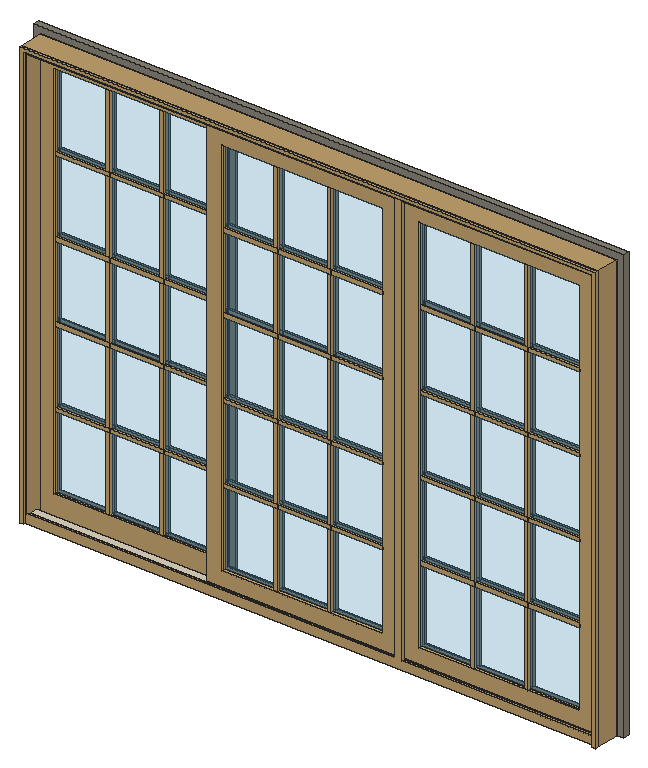
Revit family
Parameters (values of type "CSPD9068")
  XOO_OXX Arrow = and(Operator Arrow Visibility, XOO_OXX)  # no
  XOO_OXX = no
  Void Offset = if(and(Casing Visibility, BMC), 0' 1 5/16", if(and(Casing Visibility, Flat Casing), 0' 3", 0' 0"))  # 0' - 1 5/16"
  URL = "www.marvin.com"
  Thickness = 0' - 1 3/4"
  Sill Material = Fiberglass_Pultrusion-Marvin-Beige
  Rough Width = Width + 0' 1"  # 9' - 3 3/4"
  Rough Height = Height + 0' 0 1/2"  # 6' - 10 1/2"
  Prairie Corner Width = 0' - 4"
  Prairie Corner Height = 0' - 4"
  Panel Width = (Width - 0' 1 9/32") / 3  # 3' - 0.48958"
  Panel Shift 2 = if(XOO_OXX, (DLO Width + 0' 11 1/2"), 0' 3 7/8")  # 0' - 3 7/8"
  Panel Shift 1 = if(OXO, (DLO Width + 0' 7 5/8"), 0' 4 3/16")  # 3' - 2.14583"
  Operator Arrow Visibility = yes
  OXO Arrow = and(Operator Arrow Visibility, OXO)  # yes
  OXO = not(XOO_OXX)  # yes
  Nominal Width = 9' - 0"
  Nominal Height = 6' - 8"
  Muntins Interior Visibility = yes
  Muntins Interior Material = Wood-Marvin-Pine
  Muntins Exterior Visibility = yes
  Muntins Exterior Material = Aluminum-Marvin-Bronze
  Model = "CSPD9068"
  Manufacturer = "Marvin Windows and Doors"
  Lites Wide = 3
  Lites High = 5
  Lite Cut Prairie 9 = no
  Lite Cut HV Grid = not(Lite Cut Prairie 9)  # yes
  Label Visibility = no
  Jamb Extension Visibility = yes
  Interior Material = Wood-Marvin-Pine
  Inset to Installation Flange [instance] = 0' - 1"
  Height = if(Nominal Height = 6' 6", Nominal Height + 0' 1 1/2", if(Nominal Height = 6' 8", Nominal Height + 0' 2", if(Nominal Height = 7' 0", Nominal Height + 0' 2", Nominal Height - 0' 0 1/2")))  # 6' - 10"
  Wall Closure = (empty or 0)
  Width = if(Nominal Height = 6' 6", Nominal Width + 0' 0 5/16", Nominal Width + 0' 2 3/4")  # 9' - 2 3/4"
  Glazing Material = Glass-Marvin-IG Low E II with Argon
  Glass Type = "IG Low E II with Argon"
  Function = 1
  Frame = "Aluminum Clad"
  Flat Casing Visibility = and(Casing Visibility, Flat Casing)  # no
  Family created by = "www.rbuiltcomponents.com"
  Extrusion Width = if(XOO_OXX, 0' 1 5/16", 0' 1 3/8")  # 0' - 1 3/8"
  Door Type = "Clad Sliding Patio Door"
  Design Pressure = "DP30"
  Description = "10880 SL DOOR"
  Daylight Area = DLO Width * DLO Height * 3  # 46.4171 SF
  DLO Width = Panel Width - 0' 5 31/32"  # 2' - 6.52083"
  DLO Height = Height - 0' 9"  # 6' - 1"
  Closure Shift 2 = if(XOO_OXX, 0' 3 1/16", 0' 1 1/2")  # 0' - 1 1/2"
  Closure Shift 1 = if(OXO, 0' 3 1/16", 0' 1 1/2")  # 0' - 3 1/16"
  Cladding Material = Aluminum-Marvin-Bronze
  Casing Width = if(BMC, 0' 1 5/16", 0' 3")  # 0' - 1 5/16"
  Casing Visibility = yes
  BMC Visibility = and(Casing Visibility, BMC)  # yes
  BMC = yes
  Flat Casing = not(BMC)  # no
  Assembly Code = ""
Reference planes (in)
  plane 1 "Center (Front/Back)": y = 0
  plane 2 "Center (Left/Right)": x = -0.0026
  plane 3 "Left": x = -55.3776
  plane 4 "Right": x = 55.3724
  plane 5 "Top": z = 82
  plane 6 "Exterior": y = 3
  plane 7 "Interior": y = -3
  plane 8 "Inset": y = 2
  plane 9 "Glazing": y = -0.65625
  plane 10: x = -51.5026
  plane 11: x = 51.1849
  plane 12: z = 77.8125
  plane 13: z = 4.8125
  plane 14 "Jamb Ext Face": y = -2.5625
  plane 15: x = -17.23177
  plane 16: x = 13.28906
  plane 17: x = 20.66406
  plane 18: x = -20.98177
  plane 19: x = -36.24219
  plane 20: x = 35.92448
  plane 21 "Glazing 2": y = 1.84375
  plane 22 "Void Offset": z = 83.3125
  plane 23 "Casing": z = 83.3125
  plane 24: x = -1.97135
  plane 25: y = -2.59375
Forms (in)
  Sweep 1, solid, material "Aluminum-Marvin-Bronze" <- "Cladding Material"
    path origin (0, -0.65625, 0) x (1, 0, 0) y (0, 0, 1)
      loop
        line (20.66406, 4.8125) -> (51.1849, 4.8125) -> (51.1849, 77.8125) -> (20.66406, 77.8125) -> (20.66406, 4.8125)
    profile "Clad_Panel : Clad_Panel" origin (20.66406, -0.65625, 41.3125) x (-1, 0, 0) y (0, -1, 0)
      loop
        line (3, 0) -> (0, 0) -> (0, -0.05719) -> (0.20804, -0.26523) -> (0.20804, -0.4375) -> (3, -0.4375) -> (3, 0)
  Sweep 2, solid, material "Wood-Marvin-Pine" <- "Interior Material"
    path origin (0, -0.65625, 0) x (1, 0, 0) y (0, 0, 1)
      loop
        line (20.66406, 77.8125) -> (20.66406, 4.8125) -> (51.1849, 4.8125) -> (51.1849, 77.8125) -> (20.66406, 77.8125)
    profile "Int_Panel : Int_Panel" origin (20.66406, -0.65625, 41.3125) x (1, 0, 0) y (0, -1, 0)
      loop
        line (-3, 1.3125) -> (-3, 0) -> (-0.72484, 0) -> (-0.72484, 0.82511) -> (0, 0.82511) -> (0, 0.97108) -> (-0.19709, 1.3125) -> (-3, 1.3125)
  Sweep 3, solid, material "Aluminum-Marvin-Bronze" <- "Cladding Material"
    path origin (0, 2, 0) x (1, 0, 0) y (0, 0, 1)
      loop
        line (-55.3776, 0) -> (-55.3776, 82) -> (55.3724, 82) -> (55.3724, 0)
    profile "Clad_Frame : Clad_Frame" origin (-55.3776, 2, 41) x (-1, 0, 0) y (0, -1, 0)
      loop
        line (0, -1.09375) -> (0, 0) -> (-0.891, 0) -> (-0.891, -0.3871) -> (-0.67848, -0.3871) -> (-0.67848, -1.09375) -> (0, -1.09375)
  Sweep 4, solid, material "Wood-Marvin-Pine" <- "Interior Material"
    path origin (0, 2, 0) x (1, 0, 0) y (0, 0, 1)
      loop
        line (-55.3776, 0) -> (-55.3776, 82) -> (55.3724, 82) -> (55.3724, 0)
    profile "Int_Frame : Int_Frame" origin (-55.3776, 2, 41) x (-1, 0, 0) y (0, -1, 0)
      loop
        line (0, 0) -> (0, 4.5625) -> (-1.06374, 4.5625) -> (-1.06374, 1.46938) -> (-0.891, 1.46938) -> (-0.891, 0) -> (0, 0)
  Sweep 5, solid, material "Fiberglass_Pultrusion-Marvin-Beige" <- "Sill Material"
    path origin (0, 2, 0) x (1, 0, 0) y (0, 0, 1)
      loop
        line (54.30865, 0) -> (-54.31386, 0)
    profile "Sill : Sill" origin (-0.0026, 2, 0) x (0, 0, -1) y (0, -1, 0)
      loop
        line (-0.56617, 0) -> (0, 0) -> (0, 3.9375) -> (-1.61915, 3.9375) -> (-1.61915, 2.43933) -> (-0.82254, 2.43933) -> (-0.56617, 0)
  Extrusion 6, solid, material "Wood-Marvin-Pine" <- "Interior Material", visible <- "Jamb Extension Visibility", detail levels medium+fine
    sketch origin (0, -2.5625, 0) x (1, 0, 0) y (0, 0, 1)
      loop
        line (-55.3776, 0) -> (-54.6901, 0) -> (-54.6901, 81.3125) -> (54.6849, 81.3125) -> (54.6849, 0) -> (55.3724, 0) -> (55.3724, 82) -> (-55.3776, 82) -> (-55.3776, 0)
    from 0.03125 to 0.4375
  Extrusion 7, solid, material "Glass-Marvin-IG Low E II with Argon" <- "Glazing Material"
    sketch origin (0, -0.65625, 0) x (1, 0, 0) y (0, 0, 1)
      loop
        line (51.8099, 78.4375) -> (20.03906, 78.4375) -> (20.03906, 4.1875) -> (51.8099, 4.1875) -> (51.8099, 78.4375)
      loop
        line (13.91406, 78.4375) -> (-17.85677, 78.4375) -> (-17.85677, 4.1875) -> (13.91406, 4.1875) -> (13.91406, 78.4375)
    from 0 to 0.125
  Extrusion 8, solid, material "Glass-Marvin-IG Low E II with Argon" <- "Glazing Material"
    sketch origin (0, -0.65625, 0) x (1, 0, 0) y (0, 0, 1)
      loop
        line (51.8099, 78.4375) -> (20.03906, 78.4375) -> (20.03906, 4.1875) -> (51.8099, 4.1875) -> (51.8099, 78.4375)
      loop
        line (-17.85677, 78.4375) -> (-17.85677, 4.1875) -> (13.91406, 4.1875) -> (13.91406, 78.4375) -> (-17.85677, 78.4375)
    from 0.65625 to 0.78125
  Sweep 9, solid, material "Aluminum-Marvin-Bronze" <- "Cladding Material"
    path origin (0, 1.84375, 0) x (1, 0, 0) y (0, 0, 1)
      loop
        line (-20.98177, 4.8125) -> (-20.98177, 77.8125) -> (-51.5026, 77.8125) -> (-51.5026, 4.8125) -> (-20.98177, 4.8125)
    profile "Clad_Panel : Clad_Panel" origin (-20.98177, 1.84375, 41.3125) x (-1, 0, 0) y (0, -1, 0)
      loop
        line (-3, 0) -> (-3, -0.4375) -> (-0.20804, -0.4375) -> (-0.20804, -0.26523) -> (0, -0.05719) -> (0, 0) -> (-3, 0)
  Sweep 10, solid, material "Wood-Marvin-Pine" <- "Interior Material"
    path origin (0, 1.84375, 0) x (1, 0, 0) y (0, 0, 1)
      loop
        line (-20.98177, 77.8125) -> (-51.5026, 77.8125) -> (-51.5026, 4.8125) -> (-20.98177, 4.8125) -> (-20.98177, 77.8125)
    profile "Int_Panel : Int_Panel" origin (-20.98177, 1.84375, 41.3125) x (1, 0, 0) y (0, -1, 0)
      loop
        line (3, 1.3125) -> (0.19709, 1.3125) -> (0, 0.97108) -> (0, 0.82511) -> (0.72484, 0.82511) -> (0.72484, 0) -> (3, 0) -> (3, 1.3125)
  Extrusion 11, solid, material "Wood-Marvin-Pine" <- "Interior Material"
    sketch origin (0, 0, 0) x (0, 1, 0) y (0, 0, -1)
      loop
        line (1.84375, -1.8125) -> (1.84375, -0.58259) -> (0.53125, -0.72054) -> (0.53125, -1.8125) -> (1.84375, -1.8125)
    from 17.98177 to 54.5026
  Extrusion 12, solid, material "Aluminum-Marvin-Bronze" <- "Cladding Material"
    sketch origin (0.125, 0, 0) x (0, 1, 0) y (0, 0, -1)
      loop
        line (2.28125, -1.8125) -> (2.28125, -0.53661) -> (1.84375, -0.58259) -> (1.84375, -1.8125) -> (2.28125, -1.8125)
    from 18.10677 to 54.6276
  Extrusion 13, solid, material "Glass-Marvin-IG Low E II with Argon" <- "Glazing Material"
    sketch origin (0, 1.84375, 0) x (1, 0, 0) y (0, 0, 1)
      loop
        line (-20.35677, 78.4375) -> (-52.1276, 78.4375) -> (-52.1276, 4.1875) -> (-20.35677, 4.1875) -> (-20.35677, 78.4375)
    from 0 to 0.125
  Extrusion 14, solid, material "Glass-Marvin-IG Low E II with Argon" <- "Glazing Material"
    sketch origin (0, 1.84375, 0) x (1, 0, 0) y (0, 0, 1)
      loop
        line (-20.35677, 78.4375) -> (-52.1276, 78.4375) -> (-52.1276, 4.1875) -> (-20.35677, 4.1875) -> (-20.35677, 78.4375)
    from 0.6875 to 0.8125
  Sweep 15, solid, material "Fiberglass_Pultrusion-Marvin-Beige" <- "Sill Material"
    path origin (0, 2, 0) x (1, 0, 0) y (0, 0, 1)
      loop
        line (54.69391, 0) -> (-54.69912, 0)
    profile "Clad_Sill : Clad_Sill" origin (-0.0026, 2, 0) x (0, 0, -1) y (0, -1, 0)
      loop
        line (-0.45122, -1.09375) -> (0, -1.09375) -> (0, 0) -> (-0.56617, 0) -> (-0.45122, -1.09375)
  Extrusion 16, solid, material "Wood-Marvin-Pine" <- "Interior Material"
    sketch origin (-0.0026, 0, 0) x (0, 1, 0) y (0, 0, 1)
      loop
        line (-1.9375, 1.61915) -> (-2.5625, 1.61915) -> (-2.5625, 0) -> (-1.9375, 0) -> (-1.9375, 1.61915)
    from -54.31126 to 54.31126
  Sweep 17, solid, material "Aluminum-Marvin-Bronze" <- "Cladding Material"
    path origin (0, 2, -3.79878) x (1, 0, 0) y (0, 0, 1)
      loop
        line (54.4814, 3.79878) -> (54.4814, 85.1203)
    profile "Clad_Jamb : Clad_Jamb" origin (54.4814, 2, 40.66076) x (-1, 0, 0) y (0, -1, 0)
      loop
        line (0.85588, 2.0994) -> (0, 2.23496) -> (0, -0.28062) -> (0.60662, -0.28062)
        arc (0.60662, -0.28062) -> (0.71586, 0.911) -> (0.85588, 2.0994) r 46.27589
  Sweep 18, solid, material "Aluminum-Marvin-Bronze" <- "Cladding Material"
    path origin (0, 2, 0) x (1, 0, 0) y (0, 0, 1)
      loop
        line (54.4814, 81.109) -> (17.60156, 81.109)
    profile "Clad_closure : Clad_closure" origin (36.04148, 2, 81.109) x (0, 0, -1) y (0, -1, 0)
      loop
        line (0.17274, 1.46938) -> (0, 1.46938) -> (0, 0) -> (0.0625, 0) -> (0.0625, 1.40688) -> (0.23524, 1.40688) -> (0.23524, 2.65625) -> (0.17274, 2.65625) -> (0.17274, 1.46938)
  Sweep 19, solid, material "Aluminum-Marvin-Bronze" <- "Cladding Material"
    path origin (0, 1.84375, 0) x (1, 0, 0) y (0, 0, 1)
      loop
        line (-17.98177, 80.8125) -> (-17.98177, 0.53661)
    profile "Clad_closure 2 : Clad_closure 2" origin (-17.98177, 1.84375, 40.67456) x (1, 0, 0) y (0, -1, 0)
      loop
        line (-0.14149, 1.375) -> (-0.14149, 1.9375) -> (-0.20399, 1.9375) -> (-0.20399, 1.3125) -> (-0.03125, 1.3125) -> (-0.03125, 0) -> (0.03125, 0) -> (0.03125, 1.375) -> (-0.14149, 1.375)
  Extrusion 20, void
    sketch origin (0, 0, 0) x (1, 0, 0) y (0, 1, 0)
      loop
        line (-55.3776, 2) -> (-55.3776, -3) -> (55.3724, -3) -> (55.3724, 2) -> (-55.3776, 2)
    from 0 to 82
  Extrusion 21, void
    sketch origin (0, 0, 0) x (1, 0, 0) y (0, 1, 0)
      loop
        line (-56.6901, 3.125) -> (-56.6901, 2) -> (56.6849, 2) -> (56.6849, 3.125) -> (-56.6901, 3.125)
    from 0 to 83.3125
  Sweep 22, solid, material "Aluminum-Marvin-Bronze" <- "Cladding Material"
    path origin (0, -0.65625, 0) x (1, 0, 0) y (0, 0, 1)
      loop
        line (13.28906, 77.8125) -> (-17.23177, 77.8125) -> (-17.23177, 4.8125) -> (13.28906, 4.8125) -> (13.28906, 77.8125)
    profile "Clad_Panel : Clad_Panel" origin (-1.97135, -0.65625, 77.8125) x (0, 0, -1) y (0, -1, 0)
      loop
        line (-3, 0) -> (-3, -0.4375) -> (-0.20804, -0.4375) -> (-0.20804, -0.26523) -> (0, -0.05719) -> (0, 0) -> (-3, 0)
  Sweep 23, solid, material "Wood-Marvin-Pine" <- "Interior Material"
    path origin (0, -0.65625, 0) x (1, 0, 0) y (0, 0, 1)
      loop
        line (-17.23177, 77.8125) -> (-17.23177, 4.8125) -> (13.28906, 4.8125) -> (13.28906, 77.8125) -> (-17.23177, 77.8125)
    profile "Int_Panel : Int_Panel" origin (-1.97135, -0.65625, 77.8125) x (0, 0, 1) y (0, -1, 0)
      loop
        line (3, 1.3125) -> (0.19709, 1.3125) -> (0, 0.97108) -> (0, 0.82511) -> (0.72484, 0.82511) -> (0.72484, 0) -> (3, 0) -> (3, 1.3125)
  Extrusion 24, solid, material "Wood-Marvin-Pine" <- "Interior Material"
    sketch origin (0, 0, 0) x (1, 0, 0) y (0, 1, 0)
      loop
        line (16.28906, 2) -> (16.28906, -2.5625) -> (17.66406, -2.5625) -> (17.66406, 2) -> (16.28906, 2)
    from 0.45122 to 82
  Extrusion 25, solid, material "Aluminum-Marvin-Bronze" <- "Cladding Material"
    sketch origin (0, 0, 0) x (1, 0, 0) y (0, 1, 0)
      loop
        line (16.35156, 3.09375) -> (16.35156, 2) -> (17.60156, 2) -> (17.60156, 3.09375) -> (16.35156, 3.09375)
    from 0.45122 to 81.3125
  Sweep 26, solid, material "Aluminum-Marvin-Bronze" <- "Cladding Material", visible <- "XOO_OXX"
    path origin (-0.00521, 2, -3.79878) x (-1, 0, 0) y (0, 0, 1)
      loop
        line (54.4814, 3.79878) -> (54.4814, 85.11128)
    profile "Clad_Jamb : Clad_Jamb" origin (-54.4866, 2, 40.65625) x (-1, 0, 0) y (0, -1, 0)
      loop
        arc (-0.85588, 2.0994) -> (-0.71586, 0.911) -> (-0.60662, -0.28062) r 46.27589
        line (-0.60662, -0.28062) -> (0, -0.28062) -> (0, 2.23496) -> (-0.85588, 2.0994)
  Sweep 27, solid, material "Aluminum-Marvin-Bronze" <- "Cladding Material"
    path origin (-71.85417, 2, -3.79878) x (1, 0, 0) y (0, 0, 1)
      loop
        line (88.43973, 3.79878) -> (88.43973, 85.11128)
    profile "Clad_Jamb : Clad_Jamb" origin (16.58556, 2, 40.65625) x (-1, 0, 0) y (0, -1, 0)
      loop
        line (0.85588, 2.0994) -> (0, 2.23496) -> (0, -0.28062) -> (0.60662, -0.28062)
        arc (0.60662, -0.28062) -> (0.71586, 0.911) -> (0.85588, 2.0994) r 46.27589
  Sweep 28, solid, material "Aluminum-Marvin-Bronze" <- "Cladding Material", visible <- "OXO"
    path origin (37.82812, 2, -3.79878) x (-1, 0, 0) y (0, 0, 1)
      loop
        line (20.46056, 3.79878) -> (20.46056, 85.1203)
    profile "Clad_Jamb : Clad_Jamb" origin (17.36756, 2, 40.66076) x (-1, 0, 0) y (0, -1, 0)
      loop
        arc (-0.85588, 2.0994) -> (-0.71586, 0.911) -> (-0.60662, -0.28062) r 46.27589
        line (-0.60662, -0.28062) -> (0, -0.28062) -> (0, 2.23496) -> (-0.85588, 2.0994)
  Sweep 29, solid, material "Aluminum-Marvin-Bronze" <- "Cladding Material"
    path origin (0, 2.25, 0) x (1, 0, 0) y (0, 0, 1)
      loop
        line (16.35156, 81.109) -> (-18.73177, 81.109)
    profile "Clad_closure : Clad_closure" origin (-1.1901, 2.25, 81.109) x (0, 0, -1) y (0, -1, 0)
      loop
        line (0.17274, 1.46938) -> (0, 1.46938) -> (0, 0) -> (0.0625, 0) -> (0.0625, 1.40688) -> (0.23524, 1.40688) -> (0.23524, 2.65625) -> (0.17274, 2.65625) -> (0.17274, 1.46938)
Cuts and joins
  joined: Sweep 10, Extrusion 11
  joined: Sweep 9, Extrusion 12
  joined: Sweep 5, Sweep 15
  joined: Sweep 4, Extrusion 16, Extrusion 24
  joined: Sweep 3, Sweep 17, Extrusion 25
  joined: Sweep 18, Sweep 19
Lines and regions (in)
  Masking region 1
    outline origin (-0.0026, 0, 0) x (0, 1, 0) y (0, 0, 1)
      loop
        line (3.09375, 82) -> (-2.5625, 82) -> (-2.5625, 0) -> (3.09375, 0) -> (3.09375, 82)
  Masking region 2
    outline origin (0, 0, 0) x (1, 0, 0) y (0, 1, 0)
      loop
        line (-55.3776, 3.09375) -> (-55.3776, -2.5625) -> (55.3724, -2.5625) -> (55.3724, 3.09375) -> (-55.3776, 3.09375)
  Masking region 3, visible <- "Jamb Extension Visibility"
    outline origin (0, 0, 0) x (1, 0, 0) y (0, 1, 0)
      loop
        line (54.6849, -2.59375) -> (54.6849, -3) -> (55.3724, -3) -> (55.3724, -2.59375) -> (54.6849, -2.59375)
      loop
        line (-54.6901, -2.59375) -> (-55.3776, -2.59375) -> (-55.3776, -3) -> (-54.6901, -3) -> (-54.6901, -2.59375)
  Masking region 4, visible <- "Jamb Extension Visibility"
    outline origin (-0.0026, 0, 0) x (0, 1, 0) y (0, 0, 1)
      loop
        line (-2.59375, 82) -> (-3, 82) -> (-3, 0) -> (-2.59375, 0) -> (-2.59375, 82)
  symbolic lines, style "DoorsFrameMullionProjection", detail levels coarse+medium
    curve 1: line (-54.31386, -2.5625, 0) -> (-55.3776, -2.5625, 0)
    curve 2: line (54.30865, -2.5625, 0) -> (55.3724, -2.5625, 0)
    curve 11: line (-0.0026, 3.09375, 82) -> (-0.0026, 3.09375, 80.93626)
    curve 12: line (-0.0026, 3.09375, 80.93626) -> (-0.0026, -2.5625, 80.93626)
    curve 13: line (-0.0026, -2.5625, 80.93626) -> (-0.0026, -2.5625, 82)
    curve 22: line (-0.0026, -0.21875, 77.8125) -> (-0.0026, -0.21875, 4.8125)
    curve 23: line (-0.0026, -1.96875, 77.8125) -> (-0.0026, -1.96875, 4.8125)
    curve 24: line (-0.0026, 3.09375, 0.45122) -> (-0.0026, -0.43933, 0.82254)
    curve 25: line (-0.0026, -0.43933, 1.61915) -> (-0.0026, -0.43933, 0.82254)
    curve 26: line (-0.0026, -0.43933, 1.61915) -> (-0.0026, -2.5625, 1.61915)
    curve 27: line (-0.0026, -2.5625, 0) -> (-0.0026, -2.5625, 1.61915)
    curve 28: line (-0.0026, 3.09375, 0) -> (-0.0026, 3.09375, 0.45122)
    curve 29: line (-0.0026, 3.09375, 0) -> (-0.0026, -2.5625, 0)
    curve 30: line (-0.0026, 3.09375, 82) -> (-0.0026, -3, 82)
  symbolic lines, style "DoorsFrameMullionProjection", visible <- "Jamb Extension Visibility", detail levels coarse+medium
    curve 3: line (-55.3776, -3, 0) -> (-54.6901, -3, 0)
    curve 4: line (-54.6901, -3, 0) -> (-54.6901, -2.59375, 0)
    curve 5: line (55.3724, -3, 0) -> (54.6849, -3, 0)
    curve 6: line (54.6849, -3, 0) -> (54.6849, -2.59375, 0)
    curve 9: line (-0.0026, -2.59375, 81.3125) -> (-0.0026, -3, 81.3125)
    curve 10: line (-0.0026, -3, 81.3125) -> (-0.0026, -3, 82)
  symbolic lines, style "Jamb Extension", visible <- "Jamb Extension Visibility", detail levels fine
    curve 7: line (-0.0026, -2.59375, 81.3125) -> (-0.0026, -3, 81.3125)
    curve 8: line (-0.0026, -3, 81.3125) -> (-0.0026, -3, 82)
  symbolic lines, style "DoorsPanelProjection", detail levels coarse+medium
    curve 14: line (-0.0026, -0.21875, 77.8125) -> (-0.0026, -0.21875, 80.93626)
    curve 15: line (-0.0026, -1.96875, 77.8125) -> (-0.0026, -0.21875, 77.8125)
    curve 16: line (-0.0026, -1.96875, 80.93626) -> (-0.0026, -1.96875, 77.8125)
    curve 17: line (-0.0026, -0.21875, 4.8125) -> (-0.0026, -1.96875, 4.8125)
    curve 18: line (-0.0026, -0.21875, 1.8125) -> (-0.0026, -0.21875, 4.8125)
    curve 19: line (-0.0026, -1.96875, 1.8125) -> (-0.0026, -0.21875, 1.8125)
    curve 20: line (-0.0026, -1.96875, 4.8125) -> (-0.0026, -1.96875, 1.8125)
  symbolic lines, style "DoorsGlassProjection", detail levels coarse+medium
    curve 21: line (-0.0026, -1.09375, 4.8125) -> (-0.0026, -1.09375, 77.8125)
  symbolic lines, style "DoorsFrameMullionProjection"
    curve 31: line (-54.31386, -2.5625, 0) -> (54.30865, -2.5625, 0)
Text (in)
  text "Exterior" at (-74.96733, 27.31104, 0), in view "Ref. Level"
  text "Interior" at (-74.96733, -25.14366, 0), in view "Ref. Level"
  text "Exterior" at (0, 40.15149, 123.01588), in view "Right"
  text "Interior" at (0, -64.39139, 123.01588), in view "Right"
  text "Interior" at (0, -31.01599, 123.00693), in view "Left"
  text "Exterior" at (0, 54.57065, 123.00693), in view "Left"
Dimensions and locks (in)
  equal spacing: plane 3 "Left", plane 2 "Center (Left/Right)", plane 4 "Right"
  "Height": level to plane 5 "Top"
  "Width": plane 3 "Left" to plane 4 "Right"
  locked: plane 11 to plane 4 "Right" at 4.1875
  "Panel Shift 2": plane 3 "Left" to plane 10
  locked: plane 12 to plane 5 "Top" at 4.1875
  locked: level to plane 13 at 4.8125
  locked: Extrusion 6 sketch curve to plane 4 "Right" at 0.6875
  locked: plane 3 "Left" to Extrusion 6 sketch curve at 0.6875
  locked: plane 5 "Top" to Extrusion 6 sketch curve at 0.6875
  locked: plane 12 to Extrusion 7 sketch curve at 0.625
  locked: Extrusion 7 sketch curve to plane 13 at 0.625
  locked: plane 11 to Extrusion 7 sketch curve at 0.625
  locked: plane 12 to Extrusion 8 sketch curve at 0.625
  locked: Extrusion 8 sketch curve to plane 13 at 0.625
  locked: plane 11 to Extrusion 8 sketch curve at 0.625
  locked: plane 9 "Glazing" to Extrusion 7 at 0.125
  locked: plane 9 "Glazing" to Extrusion 8 at 0.78125
  locked: plane 9 "Glazing" to Extrusion 8 at 0.65625
  locked: Extrusion 8 to Extrusion 8 at 0.125
  locked: nested 3 to plane 9 "Glazing" at 0.8125
  "Inset to Installation Flange": host wall to plane 8 "Inset"
  locked: plane 9 "Glazing" to plane 8 "Inset" at 2.65625
  locked: plane 14 "Jamb Ext Face" to plane 8 "Inset" at 4.5625
  locked: nested 4 to host wall at 12
  locked: plane 17 to Extrusion 7 sketch curve at 0.625
  locked: plane 17 to Extrusion 8 sketch curve at 0.625
  locked: plane 21 "Glazing 2" to plane 8 "Inset" at 0.15625
  locked: Extrusion 13 sketch curve to plane 10 at 0.625
  locked: plane 12 to Extrusion 13 sketch curve at 0.625
  locked: Extrusion 13 sketch curve to plane 18 at 0.625
  locked: Extrusion 13 sketch curve to plane 13 at 0.625
  locked: plane 12 to Extrusion 14 sketch curve at 0.625
  locked: Extrusion 14 sketch curve to plane 10 at 0.625
  locked: Extrusion 14 sketch curve to plane 18 at 0.625
  locked: Extrusion 14 sketch curve to plane 13 at 0.625
  locked: nested 7 to plane 21 "Glazing 2" at 0.8125
  locked: plane 21 "Glazing 2" to Extrusion 13 at 0.125
  locked: plane 21 "Glazing 2" to Extrusion 14 at 0.6875
  locked: plane 21 "Glazing 2" to Extrusion 14 at 0.8125
  locked: Extrusion 14 to Extrusion 14 at 0.125
  locked: Extrusion 21 sketch curve to host wall at 0.125
  "Void Offset": Extrusion 21 sketch curve to plane 3 "Left"
  "Void Offset": plane 4 "Right" to Extrusion 21 sketch curve
  "Void Offset": plane 5 "Top" to plane 22 "Void Offset"
  "Casing Width": plane 5 "Top" to plane 23 "Casing"
  cut or joined group of Sweep 10, Extrusion 11 to plane 21 "Glazing 2" = 0' - 1 5/16"
  "DLO Width": plane 17 to plane 11
  equal spacing: plane 17, plane 20, plane 11
  "DLO Width": plane 18 to plane 10
  equal spacing: plane 18, plane 19, plane 10
  "DLO Width": plane 16 to plane 15
  equal spacing: plane 16, plane 24, plane 15
  "Panel Shift 1": plane 3 "Left" to plane 15
  locked: Extrusion 7 sketch curve to plane 16 at 0.625
  locked: plane 15 to Extrusion 7 sketch curve at 0.625
  locked: Extrusion 8 sketch curve to plane 16 at 0.625
  locked: plane 15 to Extrusion 8 sketch curve at 0.625
  locked: nested 9 to plane 9 "Glazing" at 0.8125
  locked: plane 16 to Extrusion 24 sketch curve at 3
  "Extrusion Width": Extrusion 24 sketch curve to Extrusion 24 sketch curve
  locked: cut or joined group of Sweep 4, Extrusion 16, Extrusion 24 to Extrusion 25 sketch curve at 0.0625
  locked: Extrusion 25 sketch curve to cut or joined group of Sweep 4, Extrusion 16, Extrusion 24 at 0.0625
  locked: cut or joined group of Sweep 3, Sweep 17, Extrusion 25 to Sweep 27 sketch curve at 0.234
  locked: cut or joined group of Sweep 3, Sweep 17, Extrusion 25 to Sweep 28 sketch curve at 0.234
  "Closure Shift 2": plane 15 to Sweep 29 sketch curve
  "Closure Shift 1": plane 17 to Sweep 18 sketch curve
  equal spacing: level, nested 11, plane 5 "Top"
  locked: nested 11 to plane 15 at 6
  locked: plane 25 to plane 14 "Jamb Ext Face" at 0.03125
  locked: plane 17 to nested 12 at 6
  aligned and locked: plane 6 "Exterior" to host wall
  aligned and locked: plane 7 "Interior" to host wall
  aligned and locked: Sweep 1 sketch curve to plane 11
  aligned and locked: Sweep 1 sketch curve to plane 13
  aligned and locked: Sweep 1 sketch curve to plane 12
  aligned and locked: Sweep 2 sketch curve to plane 12
  aligned and locked: Sweep 2 sketch curve to plane 13
  aligned and locked: Sweep 2 sketch curve to plane 11
  aligned and locked: plane 3 "Left" to Sweep 3 sketch curve
  aligned and locked: level to Sweep 3 sketch curve  (x2)
  aligned and locked: Sweep 3 sketch curve to plane 5 "Top"
  aligned and locked: Sweep 3 sketch curve to plane 4 "Right"
  aligned and locked: plane 3 "Left" to Sweep 4 sketch curve
  aligned and locked: level to Sweep 4 sketch curve  (x2)
  aligned and locked: Sweep 4 sketch curve to plane 5 "Top"
  aligned and locked: Sweep 4 sketch curve to plane 4 "Right"
  aligned and locked: level to nested 1
  aligned and locked: nested 1 to plane 8 "Inset"
  aligned and locked: Sweep 5 sketch curve to level
  aligned and locked: Extrusion 6 sketch curve to plane 3 "Left"
  aligned and locked: plane 5 "Top" to Extrusion 6 sketch curve
  aligned and locked: plane 4 "Right" to Extrusion 6 sketch curve
  aligned and locked: level to Extrusion 6 sketch curve  (x2)
  aligned and locked: Sweep 3 to Extrusion 6 sketch curve
  aligned and locked: host wall to Extrusion 6
  aligned and locked: Extrusion 7 to plane 9 "Glazing"
  aligned and locked: plane 9 "Glazing" to nested 2
  aligned and locked: plane 12 to nested 2
  aligned and locked: nested 3 to plane 12
  aligned and locked: curve 1 to plane 14 "Jamb Ext Face"
  aligned and locked: plane 14 "Jamb Ext Face" to curve 2
  aligned and locked: curve 6 to Extrusion 6
  aligned and locked: Extrusion 6 to curve 7
  aligned and locked: Extrusion 6 to curve 8
  aligned and locked: plane 5 "Top" to curve 10
  aligned and locked: Extrusion 6 to curve 9
  aligned and locked: plane 5 "Top" to curve 11
  aligned and locked: plane 14 "Jamb Ext Face" to curve 13
  aligned and locked: curve 15 to plane 12
  aligned and locked: curve 17 to plane 13
  aligned and locked: curve 17 to curve 21
  aligned and locked: plane 5 "Top" to Masking region 1 sketch curve
  aligned and locked: level to Masking region 1 sketch curve
  aligned and locked: plane 2 "Center (Left/Right)" to nested 4
  aligned and locked: Sweep 1 sketch curve to plane 17
  aligned and locked: plane 17 to Sweep 2 sketch curve
  aligned and locked: plane 20 to nested 2
  aligned and locked: nested 3 to plane 20
  aligned and locked: Sweep 9 sketch curve to plane 18
  aligned and locked: plane 12 to Sweep 9 sketch curve
  aligned and locked: plane 13 to Sweep 9 sketch curve
  aligned and locked: Sweep 9 sketch curve to plane 10
  aligned and locked: Sweep 10 sketch curve to plane 10
  aligned and locked: Sweep 10 sketch curve to plane 18
  aligned and locked: plane 12 to Sweep 10 sketch curve
  aligned and locked: plane 13 to Sweep 10 sketch curve
  aligned and locked: Sweep 10 to Extrusion 11 sketch curve
  aligned and locked: Extrusion 11 sketch curve to Sweep 10
  aligned and locked: Extrusion 11 to Sweep 10
  aligned and locked: Sweep 10 to Extrusion 11
  aligned and locked: Extrusion 12 sketch curve to Sweep 9  (x2)
  aligned and locked: cut or joined group of Sweep 10, Extrusion 11 to Extrusion 12
  aligned and locked: Extrusion 12 to Sweep 9
  aligned and locked: nested 5 to plane 19
  aligned and locked: nested 5 to plane 12
  aligned and locked: plane 2 "Center (Left/Right)" to nested 6
  aligned and locked: plane 8 "Inset" to nested 6
  aligned and locked: nested 5 to plane 21 "Glazing 2"
  aligned and locked: Extrusion 12 sketch curve to plane 21 "Glazing 2"
  aligned and locked: plane 21 "Glazing 2" to Extrusion 11 sketch curve
  aligned and locked: Sweep 5 sketch curve to Sweep 4
  aligned and locked: Sweep 4 to Sweep 5 sketch curve
  aligned and locked: Sweep 15 sketch curve to Sweep 3
  aligned and locked: Sweep 3 to Sweep 15 sketch curve
  aligned and locked: Sweep 5 to curve 25
  aligned and locked: Sweep 3 to Sweep 15
  aligned and locked: plane 14 "Jamb Ext Face" to curve 27
  aligned and locked: curve 26 to Sweep 5
  aligned and locked: curve 24 to Sweep 5
  aligned and locked: Extrusion 16 sketch curve to cut or joined group of Sweep 5, Sweep 15  (x2)
  aligned and locked: level to Extrusion 16 sketch curve
  aligned and locked: Extrusion 16 sketch curve to plane 14 "Jamb Ext Face"
  aligned and locked: Extrusion 16 to Sweep 4  (x2)
  aligned and locked: Sweep 3 to Sweep 17 sketch curve
  aligned and locked: level to Sweep 17 sketch curve
  aligned and locked: Extrusion 13 to plane 21 "Glazing 2"
  aligned and locked: cut or joined group of Sweep 3, Sweep 17, Extrusion 25 to Sweep 18 sketch curve
  aligned and locked: Sweep 19 sketch curve to cut or joined group of Sweep 9, Extrusion 12
  aligned and locked: cut or joined group of Sweep 9, Extrusion 12 to Sweep 19 sketch curve
  aligned and locked: Masking region 2 sketch curve to plane 3 "Left"
  aligned and locked: plane 4 "Right" to Masking region 2 sketch curve
  aligned and locked: plane 19 to nested 7
  aligned and locked: plane 12 to nested 7
  aligned and locked: curve 11 to cut or joined group of Sweep 3, Sweep 17, Extrusion 25
  aligned and locked: curve 28 to cut or joined group of Sweep 3, Sweep 17, Extrusion 25
  aligned and locked: curve 15 to curve 22
  aligned and locked: Extrusion 6 to curve 6
  aligned and locked: cut or joined group of Sweep 5, Sweep 15 to Extrusion 12 sketch curve
  aligned and locked: cut or joined group of Sweep 5, Sweep 15 to Extrusion 11 sketch curve
  aligned and locked: Extrusion 20 sketch curve to plane 3 "Left"
  aligned and locked: plane 4 "Right" to Extrusion 20 sketch curve
  aligned and locked: Extrusion 20 sketch curve to host wall
  aligned and locked: Extrusion 20 to plane 5 "Top"
  aligned and locked: plane 8 "Inset" to Extrusion 20 sketch curve
  aligned and locked: Extrusion 21 sketch curve to plane 8 "Inset"
  aligned and locked: Extrusion 21 to plane 22 "Void Offset"
  aligned and locked: Extrusion 20 to level
  aligned and locked: Extrusion 21 to level
  aligned and locked: plane 8 "Inset" to nested 8
  aligned and locked: plane 2 "Center (Left/Right)" to nested 8
  aligned and locked: level to nested 8
  aligned and locked: Masking region 2 sketch curve to cut or joined group of Sweep 3, Sweep 17, Extrusion 25
  aligned and locked: Masking region 1 sketch curve to cut or joined group of Sweep 3, Sweep 17, Extrusion 25
  aligned and locked: curve 19 to Sweep 2
  aligned and locked: curve 20 to Sweep 2
  aligned and locked: curve 18 to Sweep 1
  aligned and locked: curve 16 to Sweep 2
  aligned and locked: curve 14 to Sweep 1
  aligned and locked: plane 12 to Sweep 22 sketch curve
  aligned and locked: Sweep 22 sketch curve to plane 16
  aligned and locked: plane 15 to Sweep 22 sketch curve
  aligned and locked: plane 13 to Sweep 22 sketch curve
  aligned and locked: plane 12 to Sweep 23 sketch curve
  aligned and locked: plane 15 to Sweep 23 sketch curve
  aligned and locked: Sweep 23 sketch curve to plane 16
  aligned and locked: plane 13 to Sweep 23 sketch curve
  aligned and locked: Extrusion 7 sketch curve to Extrusion 7 sketch curve  (x2)
  aligned and locked: Extrusion 8 sketch curve to Extrusion 8 sketch curve  (x2)
  aligned and locked: plane 24 to nested 9
  aligned and locked: nested 9 to plane 12
  aligned and locked: nested 10 to plane 24
  aligned and locked: plane 12 to nested 10
  aligned and locked: plane 9 "Glazing" to nested 10
  aligned and locked: plane 8 "Inset" to Extrusion 24 sketch curve
  aligned and locked: Extrusion 24 sketch curve to cut or joined group of Sweep 4, Extrusion 16, Extrusion 24
  aligned and locked: Extrusion 24 to plane 5 "Top"
  aligned and locked: Extrusion 24 to cut or joined group of Sweep 5, Sweep 15
  aligned and locked: Extrusion 25 sketch curve to nested 6
  aligned and locked: plane 8 "Inset" to Extrusion 25 sketch curve
  aligned and locked: Extrusion 25 to cut or joined group of Sweep 5, Sweep 15
  aligned and locked: Extrusion 25 to Extrusion 6
  aligned and locked: Sweep 26 sketch curve to cut or joined group of Sweep 3, Sweep 17, Extrusion 25
  aligned and locked: Extrusion 6 to Sweep 26 sketch curve
  aligned and locked: level to Sweep 26 sketch curve
  aligned and locked: Extrusion 6 to Sweep 27 sketch curve
  aligned and locked: level to Sweep 27 sketch curve
  aligned and locked: cut or joined group of Sweep 3, Sweep 17, Extrusion 25 to Sweep 28 sketch curve
  aligned and locked: level to Sweep 28 sketch curve
  aligned and locked: cut or joined group of Sweep 3, Sweep 17, Extrusion 25 to Sweep 29 sketch curve
  aligned and locked: Masking region 2 sketch curve to plane 14 "Jamb Ext Face"
  aligned and locked: Masking region 3 sketch curve to host wall
  aligned and locked: plane 4 "Right" to Masking region 3 sketch curve
  aligned and locked: Masking region 3 sketch curve to Extrusion 6  (x2)
  aligned and locked: host wall to Masking region 3 sketch curve
  aligned and locked: plane 3 "Left" to Masking region 3 sketch curve
  aligned and locked: host wall to curve 3
  aligned and locked: curve 4 to Extrusion 6
  aligned and locked: curve 5 to host wall
  aligned and locked: Extrusion 6 to plane 25
  aligned and locked: Masking region 3 sketch curve to plane 25
  aligned and locked: plane 25 to curve 4
  aligned and locked: plane 25 to Masking region 3 sketch curve
  aligned and locked: plane 25 to curve 6
  aligned and locked: plane 25 to curve 7
  aligned and locked: plane 25 to curve 9
  aligned and locked: Masking region 1 sketch curve to plane 14 "Jamb Ext Face"
  aligned and locked: plane 5 "Top" to Masking region 4 sketch curve
  aligned and locked: level to Masking region 4 sketch curve
  aligned and locked: plane 25 to Masking region 4 sketch curve
  aligned and locked: Masking region 4 sketch curve to host wall
  aligned and locked: nested 11 to nested 12
Automatic sketch dimensions
  Sweep 15 sketch curve to level = 0' - 0"
  plane 4 "Right" to Sweep 17 sketch curve = 0' - 0.891"
  level to Sweep 19 sketch curve = 0' - 0.53661"
  plane 5 "Top" to Sweep 18 sketch curve = 0' - 0.891"
  plane 5 "Top" to Sweep 29 sketch curve = 0' - 0.891"
  curve 1 to plane 3 "Left" = 0' - 0"
  curve 3 to plane 3 "Left" = 0' - 0"
  curve 5 to plane 4 "Right" = 0' - 0"
  curve 2 to plane 4 "Right" = 0' - 0"
  curve 4 to curve 1 = 0' - 0.37624"
  curve 2 to curve 6 = 0' - 0.37624"
  plane 9 "Glazing" to curve 21 = 0' - 0 7/16"
  plane 5 "Top" to curve 11 = 0' - 1.06374"
  curve 29 to level = 0' - 0"
Nested families (in)
  nested 1: "Door_Section_Detail" at (-0.0026, 2, 0) x (0, -1, 0) z (1, 0, 0), type "Door_Section_Detail", detail levels fine
  nested 2: "Muntins" at (35.92448, -0.65625, -31.1875), visible <- "Muntins Exterior Visibility", Muntin Material <- "Muntins Exterior Material", type "Muntins"
    with Muntin Material Aluminum-Marvin-Bronze, GlazingWidth 2' - 6.52083", GlazingHeight 6' - 1", Width 2' - 6.95833", LitesVertical 5, HorizontalMuntins 4, Height 6' - 1 7/16", Inset Vert 0' - 9.94444", Inset Horiz 1' - 2 5/16"
  nested 3: "Muntins" at (35.92448, -1.46875, -31.1875), Muntin Material <- "Muntins Interior Material", visible <- "Muntins Interior Visibility", type "Muntins"
    with Muntin Material Wood-Marvin-Pine, GlazingWidth 2' - 6.52083", GlazingHeight 6' - 1", Width 2' - 6.95833", LitesVertical 5, HorizontalMuntins 4, Height 6' - 1 7/16", Inset Vert 0' - 9.94444", Inset Horiz 1' - 2 5/16"
  nested 4: "Label Annotation 1-16 w5" at (-0.0026, 15, 0), visible <- "Label Visibility", type "Label Annotation 1-16 w5"
  nested 5: "Muntins" at (-36.24219, 1.84375, -31.1875) x (-1, 0, 0) z (0, 0, 1), visible <- "Muntins Exterior Visibility", Muntin Material <- "Muntins Exterior Material", type "Muntins"
    with Muntin Material Aluminum-Marvin-Bronze, GlazingWidth 2' - 6.52083", GlazingHeight 6' - 1", Width 2' - 6.95833", LitesVertical 5, HorizontalMuntins 4, Height 6' - 1 7/16", Inset Vert 0' - 9.94444", Inset Horiz 1' - 2 5/16"
  nested 6: "Door_Plan_Detail" at (3.1224, 2, 0), type "Door_Plan_Detail"
    with XOO no, Shift 3' - 0.27083", OXO yes, DLO Width 2' - 6.52083"
  nested 7: "Muntins" at (-36.24219, 1.03125, -31.1875) x (-1, 0, 0) z (0, 0, 1), Muntin Material <- "Muntins Interior Material", visible <- "Muntins Interior Visibility", type "Muntins"
    with Muntin Material Wood-Marvin-Pine, GlazingWidth 2' - 6.52083", GlazingHeight 6' - 1", Width 2' - 6.95833", LitesVertical 5, HorizontalMuntins 4, Height 6' - 1 7/16", Inset Vert 0' - 9.94444", Inset Horiz 1' - 2 5/16"
  nested 8: "Casing_Clad" at (-0.0026, 2, 0), visible <- "Casing Visibility", type "Casing_Clad"
    with Width 9' - 2 3/4", Height 6' - 10"
  nested 9: "Muntins" at (-1.97135, -1.46875, -31.1875), Muntin Material <- "Muntins Interior Material", visible <- "Muntins Interior Visibility", type "Muntins"
    with Muntin Material Wood-Marvin-Pine, GlazingWidth 2' - 6.52083", GlazingHeight 6' - 1", Width 2' - 6.95833", LitesVertical 5, HorizontalMuntins 4, Height 6' - 1 7/16", Inset Vert 0' - 9.94444", Inset Horiz 1' - 2 5/16"
  nested 10: "Muntins" at (-1.97135, -0.65625, -31.1875), visible <- "Muntins Exterior Visibility", Muntin Material <- "Muntins Exterior Material", type "Muntins"
    with Muntin Material Aluminum-Marvin-Bronze, GlazingWidth 2' - 6.52083", GlazingHeight 6' - 1", Width 2' - 6.95833", LitesVertical 5, HorizontalMuntins 4, Height 6' - 1 7/16", Inset Vert 0' - 9.94444", Inset Horiz 1' - 2 5/16"
  nested 11: "Sliding Arrow" at (-11.23177, 2, 41) x (-1, 0, 0) z (0, -1, 0), visible <- "OXO Arrow", type "Sliding Arrow"
  nested 12: "Sliding Arrow" at (26.66406, 2, 41) x (-1, 0, 0) z (0, -1, 0), visible <- "XOO_OXX Arrow", type "Sliding Arrow"
Definition of nested family "Muntins"
  Parameters (values of type "Muntins")
    PrairieMuntVisible = no
    Prairie Corner Width = 0' - 4"
    Prairie Corner Height = 0' - 4"
    Muntin Extension = 0' - 0 7/16"
    GridMuntVisible = yes
    GlazingWidth = 2' - 0"
    GlazingHeight = 2' - 11 1/8"
    Width = GlazingWidth + Muntin Extension  # 2' - 0 7/16"
    VerticalMuntins = if(LitesHorizontal < 3, 2, LitesHorizontal - 1)  # 2
    VertMuntVisible = and(GridMuntVisible, LitesHorizontal > 2)  # yes
    MuntinWidth = 0' - 0 3/4"
    MuntinDepth [instance] = 0' - 0 3/8"
    Muntin Material [instance] = none
    LitesVertical = 3
    LitesHorizontal = 3
    HorizontalMuntins = if(LitesVertical < 3, 2, LitesVertical - 1)  # 2
    HorizMuntVisible = and(GridMuntVisible, LitesVertical > 2)  # yes
    Height = GlazingHeight + Muntin Extension  # 2' - 11 9/16"
    Inset Vert = if(LitesHorizontal < 3, (Width / 3) - (MuntinWidth / 2), (Width / LitesHorizontal) - (MuntinWidth / 2))  # 0' - 7.77083"
    Inset Horiz = if(LitesVertical < 3, (Height / 3) - (MuntinWidth / 2), (Height / LitesVertical) - (MuntinWidth / 2))  # 0' - 11.47917"
    CenterMuntinVertical = and(GridMuntVisible, LitesHorizontal = 2)  # no
    CenterMuntinHorizontal = and(GridMuntVisible, LitesVertical = 2)  # no
    Assembly Code = ""
  Reference planes (in)
    plane 1 "Center (Front/Back)": y = 0
    plane 2: z = 0
    plane 3 "Center (Left/Right)": x = 0
    plane 4: z = 35.78125
    plane 5: z = 53.5625
    plane 6: z = 71.34375
    plane 7: z = 59.86458
    plane 8: z = 47.26042
    plane 9: z = 71.125
    plane 10: z = 36
    plane 11: x = -12
    plane 12: x = 12
    plane 13: x = -4.44792
    plane 14: x = -12.21875
    plane 15: x = 12.21875
    plane 16: x = 4.44792
    plane 17: z = 67.125
    plane 18: z = 40
    plane 19: x = -8
    plane 20: x = 8
  Forms (in)
    Extrusion 1, solid, material <- "Muntin Material", visible <- "CenterMuntinVertical", detail levels medium+fine
      sketch origin (9, 0, 0) x (1, 0, 0) y (0, 0, 1)
        loop
          line (-9.375, 71.34375) -> (-9.375, 35.78125) -> (-8.625, 35.78125) -> (-8.625, 71.34375) -> (-9.375, 71.34375)
      from 0 to 0.375 <- "MuntinDepth"
    Extrusion 2, solid, material <- "Muntin Material", visible <- "CenterMuntinHorizontal", detail levels medium+fine
      sketch origin (-0.0013, 0, 14.6875) x (1, 0, 0) y (0, 0, 1)
        loop
          line (-12.21745, 39.25) -> (-12.21745, 38.5) -> (12.22005, 38.5) -> (12.22005, 39.25) -> (-12.21745, 39.25)
      from 0 to 0.375 <- "MuntinDepth"
    Extrusion 3, solid, material <- "Muntin Material", visible <- "VertMuntVisible", detail levels medium+fine
      sketch origin (4.92708, 0, -2.90625) x (1, 0, 0) y (0, 0, 1)
        loop
          line (-9.375, 74.25) -> (-9.375, 38.6875) -> (-8.625, 38.6875) -> (-8.625, 74.25) -> (-9.375, 74.25)
      from 0 to 0.375 <- "MuntinDepth"
    Extrusion 4, solid, material <- "Muntin Material", visible <- "HorizMuntVisible", detail levels medium+fine
      sketch origin (-3.09635, 0, 14.17708) x (1, 0, 0) y (0, 0, 1)
        loop
          line (-9.1224, 45.6875) -> (-9.1224, 44.9375) -> (15.3151, 44.9375) -> (15.3151, 45.6875) -> (-9.1224, 45.6875)
      from 0 to 0.375 <- "MuntinDepth"
    Extrusion 5, solid, material <- "Muntin Material", visible <- "HorizMuntVisible", detail levels medium+fine
      sketch origin (-3.09635, 0, 2.32292) x (1, 0, 0) y (0, 0, 1)
        loop
          line (-9.1224, 45.6875) -> (-9.1224, 44.9375) -> (15.3151, 44.9375) -> (15.3151, 45.6875) -> (-9.1224, 45.6875)
      from 0 to 0.375 <- "MuntinDepth"
    Extrusion 6, solid, material <- "Muntin Material", visible <- "VertMuntVisible", detail levels medium+fine
      sketch origin (13.07292, 0, -2.90625) x (1, 0, 0) y (0, 0, 1)
        loop
          line (-9.375, 74.25) -> (-9.375, 38.6875) -> (-8.625, 38.6875) -> (-8.625, 74.25) -> (-9.375, 74.25)
      from 0 to 0.375 <- "MuntinDepth"
    Extrusion 7, solid, material <- "Muntin Material", visible <- "PrairieMuntVisible", detail levels medium+fine
      sketch origin (1, 0, 0) x (1, 0, 0) y (0, 0, 1)
        loop
          line (-9, 71.34375) -> (-9, 35.78125) -> (-8.25, 35.78125) -> (-8.25, 71.34375) -> (-9, 71.34375)
      from 0 to 0.375 <- "MuntinDepth"
    Extrusion 8, solid, material <- "Muntin Material", visible <- "PrairieMuntVisible", detail levels medium+fine
      sketch origin (17, 0, 0) x (1, 0, 0) y (0, 0, 1)
        loop
          line (-9.75, 71.34375) -> (-9.75, 35.78125) -> (-9, 35.78125) -> (-9, 71.34375) -> (-9.75, 71.34375)
      from 0 to 0.375 <- "MuntinDepth"
    Extrusion 9, solid, material <- "Muntin Material", visible <- "PrairieMuntVisible", detail levels medium+fine
      sketch origin (-0.0013, 0, 28.25) x (1, 0, 0) y (0, 0, 1)
        loop
          line (-12.21745, 38.875) -> (-12.21745, 38.125) -> (12.22005, 38.125) -> (12.22005, 38.875) -> (-12.21745, 38.875)
      from 0 to 0.375 <- "MuntinDepth"
    Extrusion 10, solid, material <- "Muntin Material", visible <- "PrairieMuntVisible", detail levels medium+fine
      sketch origin (-0.0013, 0, 1.125) x (1, 0, 0) y (0, 0, 1)
        loop
          line (-12.21745, 39.625) -> (-12.21745, 38.875) -> (12.22005, 38.875) -> (12.22005, 39.625) -> (-12.21745, 39.625)
      from 0 to 0.375 <- "MuntinDepth"
  Cuts and joins
    joined: Extrusion 7, Extrusion 8, Extrusion 9, Extrusion 10
  Lines and regions (in)
    model lines, style "Muntins", visible <- "CenterMuntinHorizontal", detail levels coarse
      curve 1: line (-12.21875, 0, 53.5625) -> (12.21875, 0, 53.5625)
    model lines, style "Muntins", visible <- "HorizMuntVisible", detail levels coarse
      curve 2: line (-12.21875, 0, 59.48958) -> (12.21875, 0, 59.48958)
      curve 3: line (-12.21875, 0, 47.63542) -> (12.21875, 0, 47.63542)
    model lines, style "Muntins", visible <- "CenterMuntinVertical", detail levels coarse
      curve 4: line (0, 0, 71.34375) -> (0, 0, 35.78125)
    model lines, style "Muntins", visible <- "VertMuntVisible", detail levels coarse
      curve 5: line (-4.07292, 0, 71.34375) -> (-4.07292, 0, 35.78125)
      curve 6: line (4.07292, 0, 71.34375) -> (4.07292, 0, 35.78125)
    model lines, style "Muntins", visible <- "PrairieMuntVisible", detail levels coarse
      curve 7: line (-12.21875, 0, 66.75) -> (12.21875, 0, 66.75)
      curve 8: line (-12.21875, 0, 40.375) -> (12.21875, 0, 40.375)
      curve 9: line (-7.625, 0, 35.78125) -> (-7.625, 0, 71.34375)
      curve 10: line (7.625, 0, 35.78125) -> (7.625, 0, 71.34375)
  Dimensions and locks (in)
    "Inset Horiz": plane 6 to plane 7
    "Inset Horiz": plane 8 to plane 4
    equal spacing: plane 6, plane 5, plane 4
    "Height": plane 6 to plane 4
    "GlazingHeight": plane 9 to plane 10
    equal spacing: plane 9, plane 5, plane 10
    "GlazingWidth": plane 12 to plane 11
    equal spacing: plane 12, plane 3 "Center (Left/Right)", plane 11
    "MuntinWidth": Extrusion 1 sketch curve to Extrusion 1 sketch curve
    "Height": Extrusion 1 sketch curve to Extrusion 1 sketch curve
    "MuntinWidth": Extrusion 2 sketch curve to Extrusion 2 sketch curve
    "Width": Extrusion 2 sketch curve to Extrusion 2 sketch curve
    "MuntinWidth": Extrusion 3 sketch curve to Extrusion 3 sketch curve
    "Height": Extrusion 3 sketch curve to Extrusion 3 sketch curve
    "Width": plane 15 to plane 14
    equal spacing: plane 15, plane 3 "Center (Left/Right)", plane 14
    "Inset Vert": plane 13 to plane 14
    "Inset Vert": plane 15 to plane 16
    "MuntinWidth": Extrusion 4 sketch curve to Extrusion 4 sketch curve
    "Width": Extrusion 4 sketch curve to Extrusion 4 sketch curve
    "MuntinWidth": Extrusion 5 sketch curve to Extrusion 5 sketch curve
    "Width": Extrusion 5 sketch curve to Extrusion 5 sketch curve
    group 2 to group 3 = 0' - 0"  (x2)
    group 3 to group 2 = 0' - 11.85417"
    "MuntinWidth": Extrusion 6 sketch curve to Extrusion 6 sketch curve
    "Height": Extrusion 6 sketch curve to Extrusion 6 sketch curve
    group 4 to group 5 = 0' - 8.14583"
    group 4 to group 5 = 0' - 0"  (x2)
    "Prairie Corner Width": plane 19 to plane 11
    "Prairie Corner Width": plane 20 to plane 12
    "Prairie Corner Height": plane 9 to plane 17
    "Prairie Corner Height": plane 18 to plane 10
    "MuntinWidth": Extrusion 7 sketch curve to Extrusion 7 sketch curve
    "Height": Extrusion 7 sketch curve to Extrusion 7 sketch curve
    "MuntinWidth": Extrusion 8 sketch curve to Extrusion 8 sketch curve
    "Height": Extrusion 8 sketch curve to Extrusion 8 sketch curve
    "MuntinWidth": Extrusion 9 sketch curve to Extrusion 9 sketch curve
    "Width": Extrusion 9 sketch curve to Extrusion 9 sketch curve
    "MuntinWidth": Extrusion 10 sketch curve to Extrusion 10 sketch curve
    "Width": Extrusion 10 sketch curve to Extrusion 10 sketch curve
    aligned and locked: plane 6 to Extrusion 1  (x2)
    aligned and locked: Extrusion 1 to plane 4  (x3)
    aligned and locked: Extrusion 3 to plane 13  (x5)
    aligned and locked: Extrusion 3 to plane 4  (x3)
    aligned and locked: Extrusion 2 to plane 14
    aligned and locked: plane 15 to Extrusion 2
    aligned and locked: plane 6 to Extrusion 3
    aligned and locked: plane 7 to Extrusion 4
    aligned and locked: Extrusion 4 to plane 14
    aligned and locked: plane 15 to Extrusion 4
    aligned and locked: curve 1 to plane 5
    aligned and locked: plane 14 to curve 1
    aligned and locked: plane 15 to curve 1
    aligned and locked: Extrusion 5 to plane 14
    aligned and locked: Extrusion 5 to plane 8
    aligned and locked: plane 15 to Extrusion 5
    aligned and locked: Extrusion 5 to curve 3  (x2)
    aligned and locked: Extrusion 4 to curve 2  (x2)
    aligned and locked: curve 4 to plane 3 "Center (Left/Right)"
    aligned and locked: Extrusion 1 to curve 4  (x2)
    aligned and locked: Extrusion 3 to curve 5  (x2)
    aligned and locked: Extrusion 6 to curve 6  (x2)
    aligned and locked: Extrusion 6 to plane 16
    aligned and locked: plane 6 to Extrusion 6
    aligned and locked: plane 6 to curve 6
    aligned and locked: Extrusion 6 to plane 4
    aligned and locked: plane 4 to curve 6
    aligned and locked: cut or joined group of Extrusion 7, Extrusion 8, Extrusion 9, Extrusion 10 to plane 19
    aligned and locked: plane 20 to cut or joined group of Extrusion 7, Extrusion 8, Extrusion 9, Extrusion 10
    aligned and locked: plane 17 to cut or joined group of Extrusion 7, Extrusion 8, Extrusion 9, Extrusion 10
    aligned and locked: cut or joined group of Extrusion 7, Extrusion 8, Extrusion 9, Extrusion 10 to plane 18
    aligned and locked: cut or joined group of Extrusion 7, Extrusion 8, Extrusion 9, Extrusion 10 to curve 7  (x2)
    aligned and locked: cut or joined group of Extrusion 7, Extrusion 8, Extrusion 9, Extrusion 10 to curve 8  (x2)
    aligned and locked: cut or joined group of Extrusion 7, Extrusion 8, Extrusion 9, Extrusion 10 to curve 9  (x2)
    aligned and locked: cut or joined group of Extrusion 7, Extrusion 8, Extrusion 9, Extrusion 10 to curve 10  (x2)
  Automatic sketch dimensions
    Extrusion 1 sketch curve to plane 4 = 0' - 0"
    Extrusion 1 sketch curve to plane 3 "Center (Left/Right)" = 0' - 0 3/8"
    Extrusion 2 sketch curve to plane 14 = 0' - 0"
    Extrusion 2 sketch curve to plane 5 = 0' - 0 3/8"
    Extrusion 7 sketch curve to plane 4 = 0' - 0"
    Extrusion 7 sketch curve to plane 19 = 0' - 0"
    Extrusion 8 sketch curve to plane 4 = 0' - 0"
    Extrusion 8 sketch curve to plane 20 = 0' - 0 3/4"
    Extrusion 9 sketch curve to plane 14 = 0' - 0"
    Extrusion 9 sketch curve to plane 17 = 0' - 0 3/4"
    Extrusion 10 sketch curve to plane 14 = 0' - 0"
    Extrusion 10 sketch curve to plane 18 = 0' - 0"
    plane 19 to curve 9 = 0' - 0 3/8"
    curve 10 to plane 20 = 0' - 0 3/8"
    plane 18 to curve 8 = 0' - 0 3/8"
    curve 7 to plane 17 = 0' - 0 3/8"
Definition of nested family "Casing_Clad"
  Parameters (values of type "Casing_Clad")
    Width = 16' - 0"
    Height = 12' - 0"
    Flat Casing Visibility = no
    Cladding Finish = Aluminum-Marvin-Bronze
    BMC Visibility = yes
    Assembly Code = ""
  Reference planes (in)
    plane 1 "Center (Front/Back)": y = 0
    plane 2: z = 0
    plane 3 "Center (Left/Right)": x = 0
    plane 4: z = 144
    plane 5: x = -96
    plane 6: x = 96
  Forms (in)
    Sweep 1, solid, material "Aluminum-Marvin-Bronze" <- "Cladding Finish", visible <- "BMC Visibility"
      path origin (0, 0, 0) x (1, 0, 0) y (0, 0, 1)
        loop
          line (-96, 0) -> (-96, 144) -> (96, 144) -> (96, 0)
      profile "BMC_Clad : BMC_Clad" origin (96, 0, 72) x (1, 0, 0) y (0, -1, 0)
        loop
          line (0.71589, -1.25) -> (1.3125, -1.25) -> (1.3125, 0) -> (0, 0) -> (0, -1.09375) -> (0.38081, -1.09375) -> (0.71589, -1.25)
    Sweep 2, solid, material "Aluminum-Marvin-Bronze" <- "Cladding Finish", visible <- "Flat Casing Visibility"
      path origin (0, 0, 0) x (1, 0, 0) y (0, 0, 1)
        loop
          line (-96, 0) -> (-96, 144) -> (96, 144) -> (96, 0)
      profile "Flat_Casing_Clad : Flat_Casing_Clad" origin (96, 0, 72) x (1, 0, 0) y (0, -1, 0)
        loop
          line (3, -1.09375) -> (3, 0) -> (0, 0) -> (0, -1.09375) -> (3, -1.09375)
  Lines and regions (in)
    Masking region 1, visible <- "Flat Casing Visibility"
      outline origin (0, 0, 0) x (1, 0, 0) y (0, 1, 0)
        loop
          line (-96, 0) -> (-96, 1.09375) -> (-99, 1.09375) -> (-99, 0) -> (-96, 0)
    Masking region 2, visible <- "Flat Casing Visibility"
      outline origin (0, 0, 0) x (0, 1, 0) y (-1, 0, 0)
        loop
          line (0, -96) -> (0, -99) -> (1.09375, -99) -> (1.09375, -96) -> (0, -96)
    Masking region 3, visible <- "BMC Visibility"
      outline origin (0, 0, 0) x (1, 0, 0) y (0, 1, 0)
        loop
          line (96, 1.09375) -> (96, 0) -> (97.3125, 0) -> (97.3125, 1.25) -> (96.71589, 1.25) -> (96.38081, 1.09375) -> (96, 1.09375)
    Masking region 4, visible <- "BMC Visibility"
      outline origin (0, 0, 0) x (0, 1, 0) y (-1, 0, 0)
        loop
          line (1.09375, 96) -> (1.09375, 96.38081) -> (1.25, 96.71589) -> (1.25, 97.3125) -> (0, 97.3125) -> (0, 96) -> (1.09375, 96)
    Masking region 5, visible <- "Flat Casing Visibility"
      outline origin (0, 0, 0) x (0, 1, 0) y (0, 0, 1)
        loop
          line (1.09375, 147) -> (0, 147) -> (0, 144) -> (1.09375, 144) -> (1.09375, 147)
    Masking region 6, visible <- "BMC Visibility"
      outline origin (0, 0, 0) x (0, 1, 0) y (0, 0, 1)
        loop
          line (1.25, 145.3125) -> (0, 145.3125) -> (0, 144) -> (1.09375, 144) -> (1.09375, 144.38081) -> (1.25, 144.71589) -> (1.25, 145.3125)
    symbolic lines, style "Frame/Mullion", visible <- "Flat Casing Visibility", detail levels coarse+medium
      curve 1: line (0, 1.09375, 144) -> (0, 1.09375, 147)
      curve 2: line (0, 1.09375, 147) -> (0, 0, 147)
      curve 11: line (-99, 1.09375, 0) -> (-99, 0, 0)
      curve 12: line (-96, 1.09375, 0) -> (-99, 1.09375, 0)
      curve 13: line (99, 0, 0) -> (99, 1.09375, 0)
      curve 14: line (99, 1.09375, 0) -> (96, 1.09375, 0)
    symbolic lines, style "Frame/Mullion", visible <- "BMC Visibility", detail levels coarse+medium
      curve 3: line (0, 1.25, 145.3125) -> (0, 0, 145.3125)
      curve 4: line (0, 1.25, 144.71589) -> (0, 1.25, 145.3125)
      curve 5: line (0, 1.09375, 144.38081) -> (0, 1.25, 144.71589)
      curve 6: line (0, 1.09375, 144) -> (0, 1.09375, 144.38081)
      curve 7: line (-96.71589, 1.25, 0) -> (-97.3125, 1.25, 0)
      curve 8: line (-96.38081, 1.09375, 0) -> (-96.71589, 1.25, 0)
      curve 9: line (-96, 1.09375, 0) -> (-96.38081, 1.09375, 0)
      curve 10: line (-97.3125, 1.25, 0) -> (-97.3125, 0, 0)
      curve 15: line (97.3125, 0, 0) -> (97.3125, 1.25, 0)
      curve 16: line (97.3125, 1.25, 0) -> (96.71589, 1.25, 0)
      curve 17: line (96.71589, 1.25, 0) -> (96.38081, 1.09375, 0)
      curve 18: line (96.38081, 1.09375, 0) -> (96, 1.09375, 0)
  Dimensions and locks (in)
    "Width": plane 6 to plane 5
    equal spacing: plane 6, plane 3 "Center (Left/Right)", plane 5
    "Height": plane 4 to plane 2
    aligned and locked: plane 4 to Sweep 1 sketch curve
    aligned and locked: plane 5 to Sweep 1 sketch curve
    aligned and locked: plane 2 to Sweep 1 sketch curve
    aligned and locked: Sweep 1 sketch curve to plane 2
    aligned and locked: plane 4 to Sweep 2 sketch curve
    aligned and locked: plane 5 to Sweep 2 sketch curve
    aligned and locked: plane 2 to Sweep 2 sketch curve
    aligned and locked: Sweep 2 sketch curve to plane 2
    aligned and locked: Masking region 1 sketch curve to Sweep 1
    aligned and locked: Masking region 1 sketch curve to plane 1 "Center (Front/Back)"
    aligned and locked: Sweep 2 to Masking region 1 sketch curve
    aligned and locked: Masking region 1 sketch curve to Sweep 2
    aligned and locked: Masking region 2 sketch curve to Sweep 2  (x3)
    aligned and locked: Sweep 2 to Masking region 2 sketch curve
    aligned and locked: Masking region 3 sketch curve to Sweep 2
    aligned and locked: Masking region 3 sketch curve to Sweep 1  (x4)
    aligned and locked: Sweep 1 to Masking region 3 sketch curve
    aligned and locked: Masking region 4 sketch curve to Sweep 2
    aligned and locked: Masking region 4 sketch curve to Sweep 1  (x5)
    aligned and locked: Masking region 5 sketch curve to Sweep 2  (x2)
    aligned and locked: Sweep 1 to Masking region 5 sketch curve
    aligned and locked: Masking region 5 sketch curve to Sweep 1
    aligned and locked: Masking region 6 sketch curve to Sweep 1  (x6)
    aligned and locked: curve 1 to Masking region 5
    aligned and locked: curve 2 to Sweep 2
    aligned and locked: curve 3 to Sweep 1
    aligned and locked: curve 4 to Masking region 6
    aligned and locked: curve 5 to Sweep 1
    aligned and locked: curve 6 to Masking region 6
    aligned and locked: Masking region 2 to curve 14
    aligned and locked: Masking region 3 to curve 16
    aligned and locked: Masking region 3 to curve 18
    aligned and locked: Sweep 2 sketch curve to plane 6
    aligned and locked: Sweep 1 sketch curve to plane 6
    aligned and locked: curve 11 to Sweep 2
    aligned and locked: curve 10 to Sweep 1
    aligned and locked: Sweep 1 to curve 7
    aligned and locked: curve 8 to Sweep 1
    aligned and locked: Sweep 1 to curve 9
    aligned and locked: curve 13 to Sweep 2
    aligned and locked: curve 15 to Sweep 1
    aligned and locked: curve 17 to Sweep 1
  Automatic sketch dimensions
    curve 1 to plane 4 = 0' - 0"
    curve 2 to plane 1 "Center (Front/Back)" = 0' - 0"
    curve 3 to plane 1 "Center (Front/Back)" = 0' - 0"
    curve 6 to plane 4 = 0' - 0"
    curve 10 to plane 1 "Center (Front/Back)" = 0' - 0"
    curve 11 to plane 1 "Center (Front/Back)" = 0' - 0"
    curve 13 to plane 1 "Center (Front/Back)" = 0' - 0"
    curve 15 to plane 1 "Center (Front/Back)" = 0' - 0"
    plane 5 to curve 12 = 0' - 0"
    curve 18 to plane 6 = 0' - 0"
Definition of nested family "Door_Section_Detail"
  Parameters (values of type "Door_Section_Detail")
    Height = 6' - 10"
    Flat Casing = no
    Flange Visibility = not(Casing Visibility)  # no
    Casing Visibility = yes
    BMC = yes
    Assembly Code = ""
  Reference planes (in)
    plane 1 "Center (Front/Back)": y = 0
    plane 2: z = 0
    plane 3 "Center (Left/Right)": x = 0
    plane 4: y = 82
  Lines and regions (in)
    detail lines, style "Cut Lines", in view "Ref. Level"
      curve 1: line (0.20512, 4.15025, 0) -> (0.20512, 78.47475, 0)
      curve 2: line (0.33012, 4.15025, 0) -> (0.33012, 78.47475, 0)
      curve 3: line (0.83012, 4.15025, 0) -> (0.83012, 78.47475, 0)
      curve 4: line (0.95512, 4.15025, 0) -> (0.95512, 78.47475, 0)
      curve 5: line (2.70101, 4.15025, 0) -> (2.70101, 78.47475, 0)
      curve 6: line (2.82601, 4.15025, 0) -> (2.82601, 78.47475, 0)
      curve 7: line (3.32601, 4.15025, 0) -> (3.32601, 78.47475, 0)
